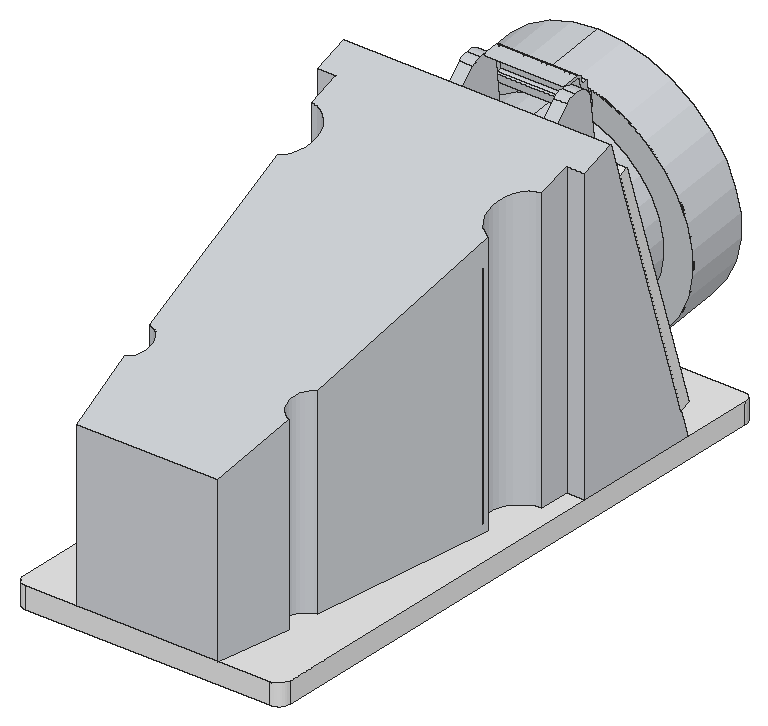
Revit family "Building-ConnessioniIEC309-GEWISS-IEC309HP-PRESE_FISSE_PAR_90°_63A_IP67", category Apparecchi elettrici, host Superficie, Revit 2019
Family settings
  Host = Superficie
  Mantenere orientamento annotazione = Sì
  Quota connettore circolare = Usa diametro
  Tipo di parte = Normale
  Taglio con vuoti quando caricato = No
  Condiviso = No
  Punto di calcolo locali = Sì
Parameters (values of type "GW63529 - PRESA FISSA 90°PAR.ST.3P+N+T 63A 500V 7H")
  simbolo acceso [instance] = yes
  distanza_simbolo [instance] = 1 mm
  distanza dal piano [instance] = 0 mm
  W = 115 mm  # constant formula
  Versione file RFA = "21.11"
  URL = "https://www.gewiss.com/it/it"
  Tipologia = "Presa fissa da parete 90°"
  Tipo Cablaggio = "A vite"
  Termopressione con biglia = "125 °C (Parti attive) - 80 °C (Parti passive)"
  Tensione nominale = "480-500V"
  Temperatura di utilizzo = "-25 +55 °C"
  Spostamento_effettivo_S [instance] = 4000 mm - Spostamento_S  # 3052.5 mm
  Spostamento_S = 947.5 mm
  Sportello_visibile = yes
  Scheda Tecnica = "https://www.gewiss.com/it/it/search?q=GW63529"
  SPinotto = Default(2)
  SEO = "Presa"
  Riferimento h = "7"
  Resistenza di isolamento = "- 10 M?"
  Resistenza agli urti = "IK08"
  Prospetto di default = 500 mm
  Produttore = "GEWISS S.p.A."
  Potere d'interruzione a 1,1 Un = "79A"
  Piastra = Default(2)
  N. poli = "3P+N+T"
  N. Manovre complessive = "-2000"
  Modello = "GW63529"
  L = 155 mm  # constant formula
  Immagine tipo = (empty or 0)
  IDT = "3f1f89468dfe40b6888cd39e425a7e91"
  IDF = "69d0d4b7-f5d5-475f-8eb5-d6562ecf6712"
  Grado di protezione = "IP67"
  Glow wire test: = "850 °C (Parti attive) - 650 °C (Parti passive)"
  Frequenza = "50/60 Hz"
  FORMULA = 1000 mm * 1  # 1000 mm
  Descrizione = "PRESA FISSA 90°PAR.ST.3P+N+T 63A 500V 7H"
  Creato da GEWISS S.p.A. = ""
  Corrente nominale (A) = "63"
  Corpo centrale = Default(2)
  Colore: = "Nero"
  Codice Electrocod = "2211"
  Catalogo = "BUILDING"
  CapacitÃ  serraggio morsetti = "6-16 mm² cavi flessibili - 6-25 mm² cavi rigidi"
  COBie.Tagnumber = ""
  COBie.CreatedOn = ""
  COBie.CreatebBy = ""
  COBie.ComponentRegisterItemID = ""
  COBie.Component.TagNumber = ""
  COBie.Component.Space = ""
  COBie.Component.SerialNumber = ""
  COBie.Component.InstallationDate = ""
  COBie.Component.Description = ""
  COBie.Component.BarCode = ""
  BLOCCO = "B=C"
Types (11, lengths in mm): name | Tensione nominale | Scheda Tecnica | Riferimento h | N. poli | Modello | IDT | Descrizione | Colore:
  GW63519 - PRESA FISSA 90°PAR.ST.2P+T 63A 110V 4H | "100-130V" | "https://www.gewiss.com/it/it/search?q=GW63519" | "4" | "2P+T" | "GW63519" | "4bca986862434a0688bc634a008a2514" | "PRESA FISSA 90°PAR.ST.2P+T 63A 110V 4H" | "Giallo"
  GW63520 - PRESA FISSA 90°PAR.ST.3P+T 63A 110V 4H | "100-130V" | "https://www.gewiss.com/it/it/search?q=GW63520" | "4" | "3P+T" | "GW63520" | "419470971db048afaf450a4c44435d1b" | "PRESA FISSA 90°PAR.ST.3P+T 63A 110V 4H" | "Giallo"
  GW63521 - PRESA FISSA 90°PAR.ST.3P+N+T 63A 110V 4H | "100-130V" | "https://www.gewiss.com/it/it/search?q=GW63521" | "4" | "3P+N+T" | "GW63521" | "2c5275b6b01c42a58789e5d38e1824eb" | "PRESA FISSA 90°PAR.ST.3P+N+T 63A 110V 4H" | "Giallo"
  GW63522 - PRESA FISSA 90°PAR.ST.2P+T 63A 230V 6H | "200-250V" | "https://www.gewiss.com/it/it/search?q=GW63522" | "6" | "2P+T" | "GW63522" | "66435c3e4c2e4178a3a810b39a5131b0" | "PRESA FISSA 90°PAR.ST.2P+T 63A 230V 6H" | "Blu"
  GW63523 - PRESA FISSA 90°PAR.ST.3P+T 63A 230V 9H | "200-250V" | "https://www.gewiss.com/it/it/search?q=GW63523" | "9" | "3P+T" | "GW63523" | "85611f8b45e64643baceca737595b5eb" | "PRESA FISSA 90°PAR.ST.3P+T 63A 230V 9H" | "Blu"
  GW63524 - PRESA FISSA 90°PAR.ST.3P+N+T 63A 230V 9H | "200-250V" | "https://www.gewiss.com/it/it/search?q=GW63524" | "9" | "3P+N+T" | "GW63524" | "29546402a0c84d88a9ecfd372c72acb5" | "PRESA FISSA 90°PAR.ST.3P+N+T 63A 230V 9H" | "Blu"
  GW63525 - PRESA FISSA 90°PAR.ST.2P+T 63A 400V 9H | "380-415V" | "https://www.gewiss.com/it/it/search?q=GW63525" | "9" | "2P+T" | "GW63525" | "bf5b00bc7e86467d8dd58f3eec024b2e" | "PRESA FISSA 90°PAR.ST.2P+T 63A 400V 9H" | "Rosso"
  GW63526 - PRESA FISSA 90°PAR.ST.3P+T 63A 400V 6H | "380-415V" | "https://www.gewiss.com/it/it/search?q=GW63526" | "6" | "3P+T" | "GW63526" | "d0d186553133454fbe0ece1f6b1215f5" | "PRESA FISSA 90°PAR.ST.3P+T 63A 400V 6H" | "Rosso"
  GW63527 - PRESA FISSA 90°PAR.ST.3P+N+T 63A 400V 6H | "380-415V" | "https://www.gewiss.com/it/it/search?q=GW63527" | "6" | "3P+N+T" | "GW63527" | "7ce8437de57241828c0c60c2a421ca7d" | "PRESA FISSA 90°PAR.ST.3P+N+T 63A 400V 6H" | "Rosso"
  GW63528 - PRESA FISSA 90°PAR.ST.3P+T 63A 500V 7H | "480-500V" | "https://www.gewiss.com/it/it/search?q=GW63528" | "7" | "3P+T" | "GW63528" | "8679db25ecc94b7c83c6a8f604759fc5" | "PRESA FISSA 90°PAR.ST.3P+T 63A 500V 7H" | "Nero"
  GW63529 - PRESA FISSA 90°PAR.ST.3P+N+T 63A 500V 7H | "480-500V" | "https://www.gewiss.com/it/it/search?q=GW63529" | "7" | "3P+N+T" | "GW63529" | "3f1f89468dfe40b6888cd39e425a7e91" | "PRESA FISSA 90°PAR.ST.3P+N+T 63A 500V 7H" | "Nero"
Reference planes
  plane 1 "Centro (Fronte/Retro)": y = 0
  plane 2: z = 0
  plane 3 "Centro (Sinistra/Destra)": x = 0
  plane 4: x = -3000
  plane 5: x = 52.5
  plane 6: z = 0
Dimensions and locks
  plane 4 to plane 3 "Centro (Sinistra/Destra)" = 3000 mm
  "Spostamento_effettivo_S": plane 4 to plane 5
  "distanza dal piano": plane 6 to plane 2
  aligned and locked: plane 2 to host face
  aligned and locked: level to host face
  aligned and locked: plane 3 "Centro (Sinistra/Destra)" to nested 1
  aligned and locked: plane 1 "Centro (Fronte/Retro)" to nested 1
  aligned and locked: nested 2 to plane 5
  aligned and locked: plane 1 "Centro (Fronte/Retro)" to nested 3
  aligned and locked: nested 3 to plane 3 "Centro (Sinistra/Destra)"
Automatic sketch dimensions
  host sketch curve to host sketch curve = 2438.4 mm  (x2)
Nested families
  nested 1: "IEC309 PRESE FISSE PARETE 90' 63A IP67_base" at (0, 0, 0), type "IEC309 PRESE FISSE PARETE 90' 63A IP67_base"
  nested 2: "GWGW62201FH - SIMBOLO_PRESA" at (52.5, 171.559, 0), visible <- "simbolo acceso", Distanza dal muro <- "distanza_simbolo", type "3P"
    with SIMBOLO ACCESO yes, Distanza dal muro 1 mm
  nested 3: "simb_frontale_32a_ip67" at (114.992, 258.089, 0) x (-1, 0, 0) z (0, 0, 1), type "simb_frontale_32a_ip67"
Connectors
  electrical at (37.5, 30, 0)
    settings: on nested 1, index 1, voltage 0 V, apparent load 0 VA, apparent load phase1 0 VA, apparent load phase2 0 VA, apparent load phase3 0 VA, power factor 1, load classification "Altro", number of poles 1, system type 31, power factor state 1, is connector primary yes, connector utility no, sub classification motor no, connector description ""
Definition of nested family "IEC309 PRESE FISSE PARETE 90' 63A IP67_base"
  Parameters (values of type "IEC309 PRESE FISSE PARETE 90' 63A IP67_base")
    sp_ghiera = 16 mm
    h = 255 mm  # constant formula
    dis_base = 71 mm
    Sportello = yes
    Spinotto = none
    PIASTRA = none
    CENTRALE = none
    Bsae = 115 mm  # constant formula
  Reference planes
    plane 1 "Centro (Fronte/Retro)": y = 0
    plane 2: z = 0
    plane 3 "Centro (Sinistra/Destra)": x = 0
    plane 4: y = 255
    plane 5: x = 115
    plane 6: z = 9
    plane 7: x = 57.5
  Forms (mm)
    Extrusion 1, solid, material <- "PIASTRA"
      sketch origin (0, 0, 0) x (1, 0, 0) y (0, 1, 0)
        loop
          line (110, 255) -> (5, 255)
          arc (5, 255) -> (1.464, 253.536) -> (0, 250) r 5
          line (0, 250) -> (0, 5)
          arc (0, 5) -> (1.464, 1.464) -> (5, 0) r 5
          line (5, 0) -> (110, 0)
          arc (110, 0) -> (113.536, 1.464) -> (115, 5) r 5
          line (115, 5) -> (115, 250)
          arc (115, 250) -> (113.536, 253.536) -> (110, 255) r 5
      from 0 to 9
    Extrusion 2, solid
      sketch origin (0, 0, 0) x (0, 1, 0) y (0, 0, 1)
        loop
          line (0, 78.998) -> (0, 9) -> (219.078, 9) -> (177.742, 140) -> (0, 78.998)
      from 0 to 115
    Extrusion 3, solid, material <- "PIASTRA"
      sketch origin (0, 0, 0) x (0, 1, 0) y (0, 0, 1)
        loop
          line (219.619, 22.228) -> (186.451, 127.108) -> (182.231, 125.774) -> (215.332, 20.872) -> (219.619, 22.228)
      from 0 to 115
    Sweep 4, solid
      path origin (0, 0, 0) x (0, 1, 0) y (0, 0, 1)
        loop
          line (193.403, 73.392) -> (224.476, 77.51)
      profile origin (0, 208.94, 75.451) x (0, -0.131378, 0.991332) y (1, 0, 0)
        loop
          circle (0, 57.5) r 42.5
    Sweep 5, solid
      path origin (0, 0, 0) x (0, 1, 0) y (0, 0, 1)
        loop
          line (224.476, 77.51) -> (249.944, 80.885)
      profile origin (0, 237.21, 79.197) x (0, -0.131378, 0.991332) y (1, 0, 0)
        loop
          circle (0, 57.5) r 55.5
    Extrusion 6, solid
      sketch origin (0, 0, 0) x (0, 1, 0) y (0, 0, 1)
        loop
          line (211.885, 112.311) -> (209.244, 132.237)
          arc (209.244, 132.237) -> (206.534, 136.5) -> (201.528, 137.182) r 6
          arc (201.528, 137.182) -> (199.088, 136.758) -> (197.027, 135.384) r 6
          line (197.027, 135.384) -> (187.054, 125.201) -> (191.965, 109.671) -> (211.885, 112.311)
      from 34.22 to 39.958
    Extrusion 7, solid
      sketch origin (115, 0, 0) x (0, 1, 0) y (0, 0, -1)
        loop
          line (211.885, -112.311) -> (191.965, -109.671) -> (187.054, -125.201) -> (197.027, -135.384)
          arc (197.027, -135.384) -> (199.088, -136.758) -> (201.528, -137.182) r 6
          arc (201.528, -137.182) -> (206.534, -136.5) -> (209.244, -132.237) r 6
          line (209.244, -132.237) -> (211.885, -112.311)
      from 34.22 to 39.958
    Extrusion 8, solid
      sketch origin (0, 0, 0) x (0, 1, 0) y (0, 0, 1)
        loop
          line (211.956, 134.614) -> (211.63, 137.073)
          arc (211.63, 137.073) -> (211.047, 138.08) -> (209.924, 138.38) r 1.52
          line (209.924, 138.38) -> (202.508, 137.397)
          arc (202.508, 137.397) -> (204.005, 137.407) -> (205.459, 137.046) r 6
          line (205.459, 137.046) -> (209.817, 137.623)
          arc (209.817, 137.623) -> (210.548, 137.428) -> (210.927, 136.773) r 0.988
          line (210.927, 136.773) -> (212.049, 128.307)
          arc (212.049, 128.307) -> (211.852, 127.568) -> (211.189, 127.185) r 1
          line (211.189, 127.185) -> (209.936, 127.018) -> (210.397, 123.542) -> (217.626, 123.037) -> (216.782, 129.403) -> (215.196, 129.193) -> (214.434, 134.942) -> (211.956, 134.614)
      from 39.958 to 75.042
    Extrusion 9, void
      sketch origin (0, 0, 0) x (1, 0, 0) y (0, 1, 0)
        loop
          arc (12.192, 126.509) -> (19.558, 140.242) -> (7.741, 150.401) r 12.446
          line (7.741, 150.401) -> (7.741, 163.578) -> (0, 163.578) -> (0, 0) -> (27.111, 0) -> (22.236, 31.793)
          arc (22.236, 31.793) -> (27.554, 39.597) -> (21.249, 46.628) r 7.656
          line (21.249, 46.628) -> (12.192, 126.509)
        loop
          line (102.808, 126.509) -> (93.751, 46.628)
          arc (93.751, 46.628) -> (87.446, 39.597) -> (92.764, 31.793) r 7.656
          line (92.764, 31.793) -> (87.889, 0) -> (115, 0) -> (115, 163.578) -> (107.259, 163.578) -> (107.259, 150.401)
          arc (107.259, 150.401) -> (95.442, 140.242) -> (102.808, 126.509) r 12.446
      from 9 to 250
  Cuts and joins
    Extrusion 9 cuts Extrusion 2
    Extrusion 9 cuts Sweep 4
    joined: Extrusion 2, Sweep 4
    Extrusion 9 cuts Extrusion 1
  Dimensions and locks
    "Bsae": plane 3 "Centro (Sinistra/Destra)" to plane 5
    "h": plane 1 "Centro (Fronte/Retro)" to plane 4
    plane 1 "Centro (Fronte/Retro)" to Extrusion 1 = 255 mm
    locked: plane 6 to level at 9
    equal spacing: plane 3 "Centro (Sinistra/Destra)", plane 7, plane 5
    Extrusion 9 to plane 1 "Centro (Fronte/Retro)" = 163.578 mm
    radius of Extrusion 1 sketch curve = 5 mm  (x4)
    radius of Sweep 4 sketch curve = 42.5 mm
    radius of Sweep 5 sketch curve = 55.5 mm
    aligned and locked: level to plane 2
    aligned and locked: Extrusion 1 sketch curve to plane 4
    aligned and locked: Extrusion 1 sketch curve to plane 3 "Centro (Sinistra/Destra)"
    aligned and locked: Extrusion 1 sketch curve to plane 5
    aligned and locked: Extrusion 1 sketch curve to plane 1 "Centro (Fronte/Retro)"
    aligned and locked: plane 6 to Extrusion 1
    aligned and locked: Extrusion 2 sketch curve to plane 1 "Centro (Fronte/Retro)"
    aligned and locked: Extrusion 2 sketch curve to plane 6
    aligned and locked: Extrusion 2 to plane 5
    aligned and locked: Extrusion 3 to plane 3 "Centro (Sinistra/Destra)"
    aligned and locked: Extrusion 3 to plane 5
    aligned and locked: plane 7 to Sweep 4 sketch curve
    aligned and locked: plane 7 to Sweep 5 sketch curve
    aligned and locked: Extrusion 8 to Extrusion 6
    aligned and locked: Extrusion 8 to Extrusion 7
    aligned and locked: Extrusion 9 to Extrusion 1
  Automatic sketch dimensions
    plane 4 to Extrusion 2 sketch curve = 77.258 mm
    plane 4 to Extrusion 2 sketch curve = 35.922 mm
    Extrusion 2 sketch curve to Extrusion 2 sketch curve = 69.998 mm
    plane 6 to Extrusion 2 sketch curve = 131 mm
    plane 4 to Extrusion 3 sketch curve = 72.769 mm
    Extrusion 3 sketch curve to Extrusion 3 sketch curve = 4.22 mm
    plane 6 to Extrusion 3 sketch curve = 11.872 mm
    plane 4 to Extrusion 3 sketch curve = 39.668 mm
    plane 6 to Extrusion 3 sketch curve = 13.228 mm
    Extrusion 3 sketch curve to Extrusion 3 sketch curve = 4.287 mm
    plane 4 to Sweep 4 sketch curve = 61.597 mm
    plane 6 to Sweep 4 sketch curve = 64.392 mm
    plane 4 to Sweep 4 sketch curve = 30.524 mm
    Sweep 4 sketch curve to Sweep 4 sketch curve = 4.118 mm
    Sweep 4 sketch curve to profile plane = 0 mm
    plane 4 to Sweep 5 sketch curve = 30.524 mm
    plane 6 to Sweep 5 sketch curve = 68.51 mm
    plane 4 to Sweep 5 sketch curve = 5.056 mm
    Sweep 5 sketch curve to Sweep 5 sketch curve = 3.375 mm
    Sweep 5 sketch curve to profile plane = 0 mm
    plane 4 to Extrusion 6 sketch curve = 67.946 mm
    Extrusion 6 sketch curve to Extrusion 6 sketch curve = 4.911 mm
    Extrusion 6 sketch curve to Extrusion 6 sketch curve = 14.26 mm
    Extrusion 6 sketch curve to Extrusion 6 sketch curve = 1.983 mm
    Extrusion 6 sketch curve to Extrusion 6 sketch curve = 19.92 mm
    plane 6 to Extrusion 6 sketch curve = 100.671 mm
    Extrusion 6 sketch curve to Extrusion 6 sketch curve = 2.64 mm
    Extrusion 6 sketch curve to Extrusion 6 sketch curve = 15.53 mm
    Extrusion 6 sketch curve to Extrusion 6 sketch curve = 5.985 mm
    Extrusion 6 sketch curve to Extrusion 6 sketch curve = 0.263 mm
    Extrusion 6 sketch curve to Extrusion 6 sketch curve = 4.287 mm
    Extrusion 6 sketch curve to Extrusion 6 sketch curve = 0 mm  (x4)
    Extrusion 6 sketch curve to Extrusion 6 sketch curve = 4.501 mm
    Extrusion 6 sketch curve to Extrusion 6 sketch curve = 5.948 mm
    Extrusion 6 sketch curve to Extrusion 6 sketch curve = 0.788 mm
    plane 4 to Extrusion 7 sketch curve = 67.946 mm
    Extrusion 7 sketch curve to Extrusion 7 sketch curve = 4.911 mm
    Extrusion 7 sketch curve to Extrusion 7 sketch curve = 14.26 mm
    Extrusion 7 sketch curve to Extrusion 7 sketch curve = 1.983 mm
    Extrusion 7 sketch curve to Extrusion 7 sketch curve = 19.92 mm
    plane 6 to Extrusion 7 sketch curve = 122.449 mm
    Extrusion 7 sketch curve to Extrusion 7 sketch curve = 0.263 mm
    Extrusion 7 sketch curve to Extrusion 7 sketch curve = 5.985 mm
    Extrusion 7 sketch curve to Extrusion 7 sketch curve = 19.138 mm
    Extrusion 7 sketch curve to Extrusion 7 sketch curve = 15.53 mm
    Extrusion 7 sketch curve to Extrusion 7 sketch curve = 4.287 mm
    Extrusion 7 sketch curve to Extrusion 7 sketch curve = 0 mm  (x4)
    Extrusion 7 sketch curve to Extrusion 7 sketch curve = 4.501 mm
    Extrusion 7 sketch curve to Extrusion 7 sketch curve = 5.948 mm
    Extrusion 7 sketch curve to Extrusion 7 sketch curve = 0.788 mm
    Extrusion 8 sketch curve to Extrusion 8 sketch curve = 2.162 mm
    Extrusion 8 sketch curve to Extrusion 8 sketch curve = 4.359 mm
    Extrusion 8 sketch curve to Extrusion 8 sketch curve = 0.106 mm
    Extrusion 8 sketch curve to Extrusion 8 sketch curve = 0.13 mm  (x2)
    Extrusion 8 sketch curve to Extrusion 8 sketch curve = 0.176 mm
    Extrusion 8 sketch curve to Extrusion 8 sketch curve = 0.804 mm
    Extrusion 8 sketch curve to Extrusion 8 sketch curve = 7.762 mm
    Extrusion 8 sketch curve to Extrusion 8 sketch curve = 0.702 mm
    Extrusion 8 sketch curve to Extrusion 8 sketch curve = 3.273 mm
    Extrusion 8 sketch curve to Extrusion 8 sketch curve = 5.195 mm
    Extrusion 8 sketch curve to Extrusion 8 sketch curve = 0.23 mm
    Extrusion 8 sketch curve to Extrusion 8 sketch curve = 0.578 mm
    Extrusion 8 sketch curve to Extrusion 8 sketch curve = 0.299 mm
    Extrusion 8 sketch curve to Extrusion 8 sketch curve = 2.95 mm
    Extrusion 8 sketch curve to Extrusion 8 sketch curve = 0 mm  (x6)
    Extrusion 8 sketch curve to Extrusion 8 sketch curve = 1.122 mm
    Extrusion 8 sketch curve to Extrusion 8 sketch curve = 0.461 mm
    Extrusion 8 sketch curve to Extrusion 8 sketch curve = 0.131 mm
    Extrusion 8 sketch curve to Extrusion 8 sketch curve = 1.028 mm
    Extrusion 8 sketch curve to Extrusion 8 sketch curve = 0.991 mm  (x2)
    Extrusion 8 sketch curve to Extrusion 8 sketch curve = 2.478 mm
    Extrusion 8 sketch curve to Extrusion 8 sketch curve = 3.147 mm
    Extrusion 8 sketch curve to Extrusion 8 sketch curve = 1.586 mm
    Extrusion 8 sketch curve to Extrusion 8 sketch curve = 0.844 mm
    plane 4 to Extrusion 8 sketch curve = 37.374 mm
    Extrusion 8 sketch curve to Extrusion 8 sketch curve = 0.166 mm
    Extrusion 8 sketch curve to Extrusion 8 sketch curve = 3.477 mm
    Extrusion 8 sketch curve to Extrusion 8 sketch curve = 0.505 mm
    plane 6 to Extrusion 8 sketch curve = 114.037 mm
    Extrusion 8 sketch curve to Extrusion 8 sketch curve = 1.096 mm
    Extrusion 8 sketch curve to Extrusion 8 sketch curve = 0.21 mm
    Extrusion 8 sketch curve to Extrusion 8 sketch curve = 2.131 mm
    Extrusion 8 sketch curve to Extrusion 8 sketch curve = 0.328 mm
    Extrusion 9 sketch curve to plane 3 "Centro (Sinistra/Destra)" = 0 mm
    plane 1 "Centro (Fronte/Retro)" to Extrusion 9 sketch curve = 0 mm  (x2)
    Extrusion 9 sketch curve to plane 5 = 0 mm
    plane 3 "Centro (Sinistra/Destra)" to Extrusion 9 sketch curve = 7.323 mm
    plane 3 "Centro (Sinistra/Destra)" to Extrusion 9 sketch curve = 7.741 mm
    plane 3 "Centro (Sinistra/Destra)" to Extrusion 9 sketch curve = 12.192 mm
    plane 3 "Centro (Sinistra/Destra)" to Extrusion 9 sketch curve = 19.914 mm
    Extrusion 9 sketch curve to Extrusion 9 sketch curve = 1.335 mm  (x2)
    Extrusion 9 sketch curve to Extrusion 9 sketch curve = 2.322 mm
    plane 3 "Centro (Sinistra/Destra)" to Extrusion 9 sketch curve = 27.111 mm
    plane 5 to Extrusion 9 sketch curve = 27.111 mm
    plane 5 to Extrusion 9 sketch curve = 22.236 mm
    Extrusion 9 sketch curve to Extrusion 9 sketch curve = 0.987 mm
    plane 5 to Extrusion 9 sketch curve = 12.192 mm
    plane 5 to Extrusion 9 sketch curve = 7.741 mm
    plane 5 to Extrusion 9 sketch curve = 7.323 mm
    Extrusion 9 sketch curve to plane 1 "Centro (Fronte/Retro)" = 31.793 mm  (x2)
    Extrusion 9 sketch curve to Extrusion 9 sketch curve = 7.296 mm  (x2)
    Extrusion 9 sketch curve to Extrusion 9 sketch curve = 79.881 mm  (x2)
    Extrusion 9 sketch curve to Extrusion 9 sketch curve = 11.453 mm  (x2)
    Extrusion 9 sketch curve to Extrusion 9 sketch curve = 13.177 mm  (x2)
Definition of nested family "GWGW62201FH - SIMBOLO_PRESA"
  Parameters (values of type "3P")
    SIMBOLO ACCESO [instance] = yes
    Distanza dal muro [instance] = 0 mm
  Reference planes
    plane 1: y = 0
    plane 2: x = 0
  Dimensions and locks
    "Distanza dal muro": plane 1 to nested 1
    aligned and locked: plane 2 to nested 1
  Nested families
    nested 1: "GWGW62201FH - SIMBOLO" at (0, 0, 0), visible <- "SIMBOLO ACCESO", type "3P"
  Definition of nested family "GWGW62201FH - SIMBOLO"
    Parameters (values of type "3P")
      CORNICE SIMBOLO [instance] = yes
      3P = yes
    Reference planes
      plane 1: y = 0
      plane 2: x = 0
    Lines and regions (mm)
      detail lines
        curve 1: circle (-0.314, 0.674, 0) r 0.057 normal (0, 0, 1)
        curve 2: arc (0.346, -0.009, 0) -> (0, 0.337, 0) -> (-0.346, -0.009, 0) r 0.346
        curve 3: line (0, 0.337, 0) -> (0.346, 0.337, 0)
        curve 4: line (0, 3.386, 0) -> (0, 0.337, 0)
        curve 5: line (0, 0.337, 0) -> (-0.314, 0.674, 0)
Definition of nested family "simb_frontale_32a_ip67"
  Reference planes
    plane 1 "Centro (Fronte/Retro)": y = 0
    plane 2: z = 0
    plane 3 "Centro (Sinistra/Destra)": x = 0
  Dimensions and locks
    aligned and locked: import instance to plane 3 "Centro (Sinistra/Destra)"
